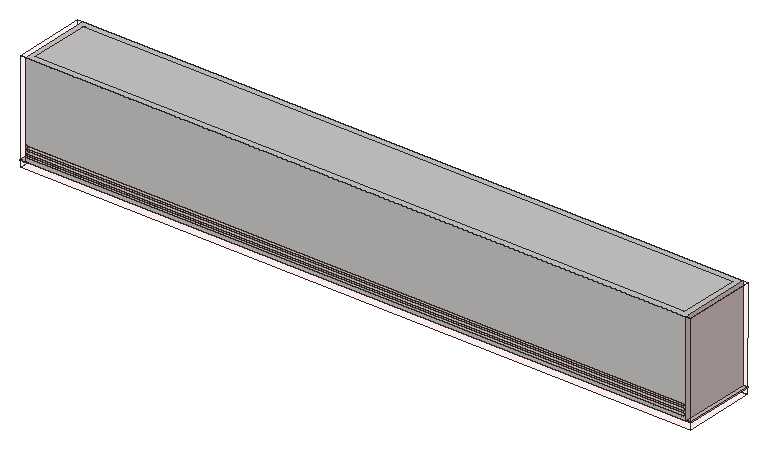
Revit family "Air-Curtain_Specialty_PoweredAire_HDX-Hazardous", category Mechanical Equipment, host Face, Revit 2017
Family settings
  Host = Face
  Round Connector Dimension = Use Diameter
  Part Type = Normal
  OmniClass Number = 23.75.35.17.21
  OmniClass Title = Air Curtains
  Cut with Voids When Loaded = No
  Shared = No
  Room Calculation Point = No
Parameters (values of type "192'' Nozzle")
  Warranty Duration (Years) = 0
  Unit Width Notes = "Other Widths available."  # constant formula
  Unit Width = 16' - 3 1/4"
  Unit Weight = 1170
  Unit Height = 1' - 9"
  Unit Depth = 2' - 3 1/4"
  URL = "http://www.poweredaire.com/"
  Test Data = ""
  Standards Conformance = "Class I C and D  ;  Class II F and G  ;  Made in USA"
  Specification = "http://www.arcat.com/sdspecs/htm04/23_34_33pai.htm"
  SpecWizard = ""
  Sound Pressure = ">69 dBA"
  Sales Information = "http://www.poweredaire.com/contact_us"
  Revision = "R1_2016-08"
  Projection from Host [instance] = 0' - 2"
  Product Properties = ""
  Product Data = "http://www.arcat.com/arcatcos/cos47/arc47623.html"
  Power Rating = 0 W
  Nozzle Width = if(1 = 1, Unit Width - 0' 3", 0' 0")  # 16' - 0 1/4"
  Mounting Width = if(1 = 1, Unit Width - 0' 1 1/2", 0' 0")  # 16' - 1 3/4"
  Mounting Height [instance] = 3' - 6"
  Motor RPM = 1160
  Motor HP = 3
  Motor Count = 3
  Model = "HDX-3-192"
  Max Height = 17' - 0"
  Manufacturer Website = "http://www.poweredaire.com/"
  Manufacturer Phone - Toll Free = "888-321-2473"
  Manufacturer Phone = "724-588-3305"
  Manufacturer Fax = "724-588-3371"
  Manufacturer Address = "109 Mortensen Rd.  Greenville, PA 16125"
  Manufacturer = "Powered Aire, Inc"
  Maintenance Schedule (Months) = 0
  Keynote = "23 34 33"
  Installation-Fabrication = ""
  Installation Phase = ""
  Include Clearance [instance] = yes
  Heating Element Load = 0 W
  HVAC_Temperature Rise = 0 °F
  HVAC_Outlet Volume = 15700 CFM
  HVAC_Outlet Velocity Uniformity = 0.863
  HVAC_Outlet Velocity = 6200 FPM
  Green Building-LEED = "http://www.arcat.com/green/clients/leed_data_47623.html"
  Front Grating Material [instance] = Metal - Steel - PoweredAire - Stainless 304 Perforated
  Frame Finish [instance] = Metal - Steel - PoweredAire - Stainless 304
  Expected Lifespan (Years) = 0
  Electrical_Wattage [instance] = Power Rating + Heating Element Load  # 0 W
  Electrical_Voltage [instance] = 0 V
  Electrical_Phase [instance] = 1
  Electrical_Frequency [instance] = 0 Hz
  Electrical_Amperage [instance] = 0 A
  Drawn By = "Sumex Design, Inc. / Robert S. Weygant, CSI, CDT, SCIP"
  Description = "Powered Aire Unheated Hazardous Area Air Curtain - HDX-3-192 as Specified"
  Default Elevation = 0' - 0"  # constant formula
  Copyright = "©Arcat Inc."
  Construction Details = "http://www.arcat.com/details/powair/prod3336.html"
  Clearance_Top [instance] = 0' - 0"
  Clearance_Side B [instance] = 0' - 0"
  Clearance_Side A [instance] = 0' - 0"
  Clearance_Intake [instance] = 0' - 0"
  Clearance_Bottom [instance] = 0' - 0"
  Clearance Material [instance] = ARCAT Clearance
  Building Codes = ""
  Available Options [instance] = "as Specified"
  Assembly Code = "D3090400"
Types (7): name | Unit Width | Unit Weight | Sound Pressure | Nozzle Width | Mounting Width | Motor Count | Model | HVAC_Outlet Volume | HVAC_Outlet Velocity Uniformity | HVAC_Outlet Velocity | Description
  192'' Nozzle | 16' - 3 1/4" | 1170 | ">69 dBA" | 16' - 0 1/4" | 16' - 1 3/4" | 3 | "HDX-3-192" | 15700 CFM | 0.863 | 6200 FPM | "Powered Aire Unheated Hazardous Area Air Curtain - HDX-3-192 as Specified"
  180'' Nozzle | 15' - 3 1/4" | 1150 | ">69 dBA" | 15' - 0 1/4" | 15' - 1 3/4" | 3 | "HDX-3-180" | 15000 CFM | 0.863 | 6200 FPM | "Powered Aire Unheated Hazardous Area Air Curtain - HDX-3-180 as Specified"
  144'' Nozzle | 12' - 3 1/8" | 830 | ">69 dBA" | 12' - 0 1/8" | 12' - 1 5/8" | 2 | "HDX-2-144" | 11200 CFM | 0.863 | 5900 FPM | "Powered Aire Unheated Hazardous Area Air Curtain - HDX-2-144 as Specified"
  132'' Nozzle | 11' - 3 1/8" | 805 | ">69 dBA" | 11' - 0 1/8" | 11' - 1 5/8" | 2 | "HDX-2-132" | 10400 CFM | 0.863 | 5900 FPM | "Powered Aire Unheated Hazardous Area Air Curtain - HDX-2-132 as Specified"
  120'' Nozzle | 10' - 3 1/8" | 785 | ">69 dBA" | 10' - 0 1/8" | 10' - 1 5/8" | 2 | "HDX-2-120" | 9700 CFM | 0.92 | 5800 FPM | "Powered Aire Unheated Hazardous Area Air Curtain - HDX-2-120 as Specified"
  72'' Nozzle | 6' - 3" | 420 | "69 dBA" | 6' - 0" | 6' - 1 1/2" | 1 | "HDX-1-72" | 5600 CFM | 0.863 | 5900 FPM | "Powered Aire Unheated Hazardous Area Air Curtain - HDX-1-72 as Specified"
  60'' Nozzle | 5' - 3" | 400 | "69 dBA" | 5' - 0" | 5' - 1 1/2" | 1 | "HDX-1-60" | 4900 CFM | 0.92 | 5800 FPM | "Powered Aire Unheated Hazardous Area Air Curtain - HDX-1-60 as Specified"
Reference planes (in)
  plane 1 "Center (Elevation)": y = 10.63818
  plane 2: z = 0
  plane 3 "Center (Left/Right)": x = 0
  plane 4: y = 21.13818
  plane 5 "BoC": y = 0.13818
  plane 6: x = -97.625
  plane 7: x = 97.625
  plane 8: z = 29.25
  plane 9 "FF": y = -41.86182
  plane 10: z = 2
  plane 11: x = 96.125
  plane 12: x = -96.125
  plane 13: y = 21.13818
  plane 14: y = 0.13818
  plane 15: x = -97.625
  plane 16: x = 97.625
  plane 17: z = 29.25
  plane 18: y = 0.13818
  plane 19: x = 96.0625
  plane 20: x = -96.0625
Forms (in)
  Extrusion 1, solid, material "ARCAT Clearance" <- "Clearance Material", visible <- "Include Clearance"
    sketch origin (0, 0, 0) x (0, 1, 0) y (0, 0, 1)
      loop
        line (0.13818, 29.25) -> (0.13818, 0) -> (21.13818, 0) -> (21.13818, 29.25) -> (0.13818, 29.25)
    from -97.625 to 97.625
  Extrusion 2, solid, material "Metal - Steel - PoweredAire - Stainless 304" <- "Frame Finish"
    sketch origin (0, 10.63818, 0) x (1, 0, 0) y (0, 0, 1)
      loop
        line (96.125, 29.25) -> (-96.125, 29.25) -> (-96.125, 2) -> (96.125, 2) -> (96.125, 29.25)
    from -10.5 to 10.5
  Extrusion 3, void
    sketch origin (0, 0, 0) x (0, 1, 0) y (0, 0, 1)
      loop
        line (0.13818, 4) -> (0.13818, 3) -> (1.63818, 3) -> (1.63818, 6.5) -> (0.13818, 6.5) -> (0.13818, 5.5) -> (1.38818, 5.5) -> (1.38818, 5.25) -> (0.13818, 5.25) -> (0.13818, 4.25) -> (1.38818, 4.25) -> (1.38818, 4) -> (0.13818, 4)
    from -96.0625 to 96.0625
  Extrusion 4, solid, material "Metal - Steel - PoweredAire - Stainless 304" <- "Frame Finish"
    sketch origin (-15.17702, -180, 2) x (-1, 0, 0) y (0, -1, 0)
      loop
        line (-111.30202, -201.13818) -> (-111.30202, -180.13818) -> (-112.80202, -180.13818) -> (-112.80202, -201.13818) -> (-111.30202, -201.13818)
      loop
        line (80.94798, -201.13818) -> (82.44798, -201.13818) -> (82.44798, -180.13818) -> (80.94798, -180.13818) -> (80.94798, -201.13818)
    from 0 to 0.125
  Extrusion 5, solid, material "Metal - Steel - PoweredAire - Stainless 304 Perforated" <- "Front Grating Material"
    sketch origin (96.125, 10.63818, 29.25) x (-1, 0, 0) y (0, -1, 0)
      loop
        line (1.5, -9) -> (190.75, -9) -> (190.75, 9) -> (1.5, 9) -> (1.5, -9)
    from 0 to 0.03125
Cuts and joins
  Extrusion 3 cuts Extrusion 2
Dimensions and locks (in)
  equal spacing: plane 4, plane 1 "Center (Elevation)", plane 5 "BoC"
  "Unit Height": plane 4 to plane 5 "BoC"
  equal spacing: plane 6, plane 3 "Center (Left/Right)", plane 7
  "Unit Width": plane 6 to plane 7
  "Mounting Height": plane 5 "BoC" to plane 9 "FF"
  "Projection from Host": plane 10 to level
  "Unit Depth": plane 8 to plane 10
  locked: plane 6 to plane 12 at 1.5
  locked: plane 11 to plane 7 at 1.5
  "Clearance_Side A": plane 7 to plane 16
  "Clearance_Side B": plane 15 to plane 6
  "Clearance_Top": plane 13 to plane 4
  "Clearance_Bottom": plane 5 "BoC" to plane 14
  "Clearance_Intake": plane 17 to plane 8
  locked: plane 7 to Extrusion 2 sketch curve at 1.5
  locked: Extrusion 2 sketch curve to plane 6 at 1.5
  locked: plane 18 to plane 5 "BoC" at 0
  locked: plane 12 to Extrusion 5 sketch curve at 1.5
  locked: Extrusion 5 sketch curve to plane 11 at 1.5
  locked: Extrusion 5 sketch curve to plane 5 "BoC" at 1.5
  locked: plane 20 to plane 12 at 0.0625
  locked: plane 11 to plane 19 at 0.0625
  Extrusion 3 sketch curve to Extrusion 3 sketch curve to Extrusion 3 sketch curve to Extrusion 3 sketch curve to Extrusion 3 sketch curve to Extrusion 3 sketch curve to plane 10 = 0' - 1" locked, 0' - 0 1/4" locked, 0' - 1" locked, 0' - 0 1/4" locked, 0' - 1" locked, 0' - 1" locked
  locked: plane 4 to Extrusion 5 sketch curve at 1.5
  aligned and locked: plane 2 to host face
  aligned and locked: level to host face
  aligned and locked: Extrusion 1 sketch curve to plane 17
  aligned and locked: plane 14 to Extrusion 1 sketch curve
  aligned and locked: level to Extrusion 1 sketch curve
  aligned and locked: Extrusion 1 sketch curve to plane 13
  aligned and locked: plane 16 to Extrusion 1
  aligned and locked: Extrusion 1 to plane 15
  aligned and locked: Extrusion 2 to plane 4
  aligned and locked: Extrusion 2 to plane 18
  aligned and locked: Extrusion 4 sketch curve to plane 4  (x2)
  aligned and locked: Extrusion 2 sketch curve to plane 10
  aligned and locked: Extrusion 3 to plane 20
  aligned and locked: plane 19 to Extrusion 3
  aligned and locked: Extrusion 2 sketch curve to plane 8
  aligned and locked: plane 18 to Extrusion 4 sketch curve  (x2)
Automatic sketch dimensions
  host sketch curve to host sketch curve = 8' - 0"  (x2)
  Extrusion 4 sketch curve to plane 7 = 0' - 0"
  Extrusion 4 sketch curve to plane 11 = 0' - 0"
  Extrusion 4 sketch curve to plane 12 = 0' - 0"
  Extrusion 4 sketch curve to plane 6 = 0' - 0"
  Extrusion 3 sketch curve to plane 5 "BoC" = 0' - 0"  (x3)
  plane 18 to Extrusion 3 sketch curve = 0' - 1 1/4"
  Extrusion 3 sketch curve to Extrusion 3 sketch curve = 0' - 0"
  Extrusion 3 sketch curve to Extrusion 3 sketch curve = 0' - 0 1/4"
Connectors (in)
  electrical at (-96.125, 10.63818, 15.625), driven by "Electrical_Voltage", driven by "Electrical_Phase"
    settings: on cut or joined group of Extrusion 2, Extrusion 3, index 1, voltage 0 V, apparent load 0 VA, apparent load phase1 0 VA, apparent load phase2 0 VA, apparent load phase3 0 VA, power factor 1, load classification "Other", number of poles 1, system type 31, power factor state 1, is connector primary yes, connector utility no, sub classification motor no, connector description ""
